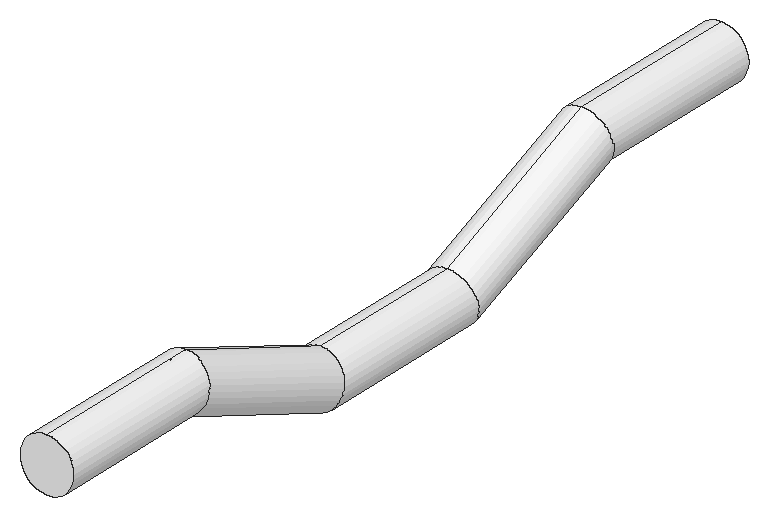
Revit family "קשת לבן", category Pipe Fittings, Revit 2019
Family settings
  Round Connector Dimension = Use Diameter
  Part Type = Union
  Work Plane-Based = No
  Always vertical = Yes
  Cut with Voids When Loaded = No
  Shared = No
Parameters
  OD [instance] = 16 mm
  H [instance] = OD + 5 mm  # 21 mm
Reference planes
  plane 1 "Center (Front/Back)": y = 0
  plane 2: z = 0
  plane 3 "Center (Left/Right)": x = 0
  plane 4: y = -50
  plane 5: y = 50
  plane 6: y = -100
  plane 7: y = 100
  plane 8: y = 150
  plane 9: z = -21
Forms (mm)
  Sweep 1, solid, material "PEX קשת לבן"
    path origin (0, 0, 0.031) x (0, 1, 0) y (0, 0, 1)
      loop
        line (-100, 0) -> (-50, 0) -> (0, -21.031) -> (50, -21.031) -> (100, 0) -> (150, 0)
    profile origin (0, -75, 0.031) x (0, 0, 1) y (1, 0, 0)
      loop
        circle (0, 0) r 8
Dimensions and locks
  "H": level to plane 9
  "OD": diameter of Sweep 1 sketch curve
  aligned and locked: level to plane 2
Automatic sketch dimensions
  Sweep 1 sketch curve to plane 6 = 0 mm
  Sweep 1 sketch curve to plane 4 = 0 mm
  Sweep 1 sketch curve to plane 1 "Center (Front/Back)" = 0 mm
  Sweep 1 sketch curve to plane 5 = 0 mm
  Sweep 1 sketch curve to plane 7 = 0 mm
  Sweep 1 sketch curve to plane 8 = 0 mm
  Sweep 1 sketch curve to plane 9 = 0 mm
  level to Sweep 1 sketch curve = 0.031 mm  (x2)
  Sweep 1 sketch curve to profile plane = 0 mm  (x2)
Connectors
  piping at (0, -100, 0.031), diameter 16, driven by "OD"
    settings: on Sweep 1, index 1, connector inside diameter 609.6 mm, connector length 0 mm, flow factor 0, pipe flow 0.0 L/s, pressure drop 0.0 Pa, fitting loss kfactor 0, connector angle 0.00°, fixture units 0, engagement length 0 mm, angle of deflection 0.00°, flow configuration 0, flow direction 0, fitting loss method 0, system type 28, joint type 0, gender type 0, connector reference index -1, connector utility 0, adjustable connector no, is connector primary yes, connector description ""
  piping at (0, 150, 0.031), diameter 16, driven by "OD"
    settings: on Sweep 1, index 2, connector inside diameter 609.6 mm, connector length 0 mm, flow factor 0, pipe flow 0.0 L/s, pressure drop 0.0 Pa, fitting loss kfactor 0, connector angle 0.00°, fixture units 0, engagement length 0 mm, angle of deflection 0.00°, flow configuration 0, flow direction 0, fitting loss method 0, system type 28, joint type 0, gender type 0, connector reference index -1, connector utility 0, adjustable connector no, is connector primary no, connector description ""
